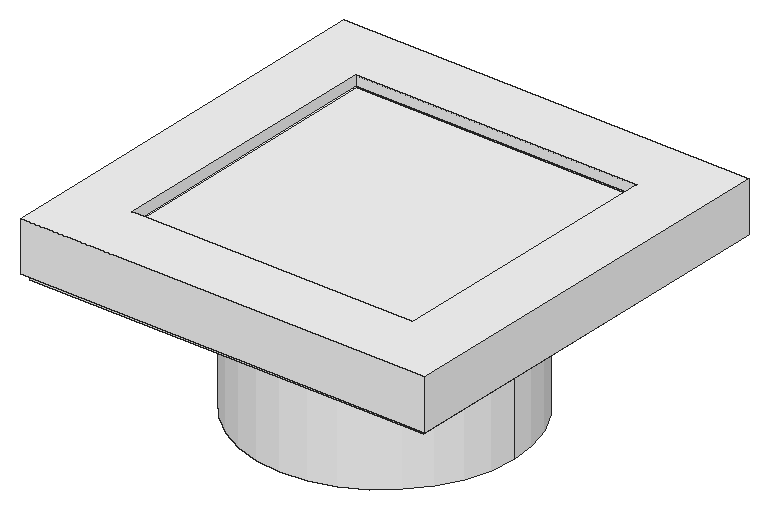
Revit family "Gira_228405", category Electrical Fixtures, host Face, Revit 2017
Family settings
  Host = Face
  Maintain Annotation Orientation = Yes
  Round Connector Dimension = Use Diameter
  Part Type = Normal
  Cut with Voids When Loaded = No
  Shared = No
  Room Calculation Point = No
Parameters (values of type "RDS FM radio w/o speaker System 55 black gl.appear.")
  White [instance] = White
  URL = "http://katalog.gira.de/en/datenblatt.html?artikelnr=228405"
  Type of fastening = "Mounting with claw and screw"
  Surface protection = "Other"
  Surface finishing = "Glossy"
  Name = "RDS FM radio w/o speaker System 55 black gl.appear."
  Mounting method = "Flush mounted (plaster)"
  Model = "Radio"
  Material quality = "Other"
  Material = "Other"
  Manufacturer URL = "https://www.gira.de/"
  Manufacturer = "Gira"
  HeinzeBIM = "https://bimportal.heinze.de/bim/rds-fm-radio-w-o-speaker-system-55-black-gl-appear-/b91599b520675b7b9cab4df6981edd685f488fcf"
  Halogen free = "No"
  HAN = "228405"
  GTIN = "4010337889229"
  Description = "RDS FM radio w o spk. Sys55 BKGLA,RDS flush-mounted radio,,Black glass appearance,"
  Default Elevation = 1219.2 mm
  Data sheet (1) = "https://katalog.gira.de/en/download.html?artikelnr=228405"
  Colour = "Black"
  Category = "Electronic insert for domestic switching devices"
  BIM (1) = "https://media.stage.bim.site/public/gira/36a6b08/Sys55_Komplettgerät_Schalten und Tasten.rfa?public/gira/36a6b08/Sys55_Komplettgerät_Schalten und Tasten.rfa"
  Available = "No"
  Assembly arrangement = "Basic element"
Reference planes
  plane 1 "Center (Front/Back)": y = 0
  plane 2: z = 0
  plane 3 "Center (Left/Right)": x = 0
Forms (mm)
  Extrusion 1, solid, material "White" <- "White", detail levels medium
    sketch origin (0, 0, 0) x (1, 0, 0) y (0, 1, 0)
      loop
        line (-40.4, 40.4) -> (-40.4, -40.4) -> (40.4, -40.4) -> (40.4, 40.4) -> (-40.4, 40.4)
      loop
        line (-28, 28) -> (-28, -28) -> (28, -28) -> (28, 28) -> (-28, 28)
    from 0 to 10
  Extrusion 2, solid, material "White" <- "White", detail levels fine
    sketch origin (0, 0, 0) x (1, 0, 0) y (0, 1, 0)
      loop
        line (-40.4, 40.4) -> (-40.4, -40.4) -> (40.4, -40.4) -> (40.4, 40.4) -> (-40.4, 40.4)
      loop
        line (-28, 28) -> (-28, -28) -> (28, -28) -> (28, 28) -> (-28, 28)
    from 0 to 10
  Extrusion 3, void
    sketch origin (0, 0, 0) x (1, 0, 0) y (0, 1, 0)
      loop
        line (-38.4, 38.4) -> (-38.4, -38.4) -> (38.4, -38.4) -> (38.4, 38.4) -> (-38.4, 38.4)
    from 0 to 8
  Extrusion 4, solid, material "White" <- "White", detail levels medium+fine
    sketch origin (0, 0, 0) x (1, 0, 0) y (0, 1, 0)
      loop
        line (-39.4, 39.4) -> (-39.4, -39.4) -> (39.4, -39.4) -> (39.4, 39.4) -> (-39.4, 39.4)
    from 0 to -1
  Extrusion 5, solid, material "White" <- "White", detail levels medium+fine
    sketch origin (0, 0, 0) x (1, 0, 0) y (0, 1, 0)
      loop
        line (-35.5, 35.5) -> (-35.5, -35.5) -> (35.5, -35.5) -> (35.5, 35.5) -> (-35.5, 35.5)
    from -2 to -3
  Extrusion 6, solid, material "White" <- "White", detail levels medium+fine
    sketch origin (0, 0, 0) x (1, 0, 0) y (0, 1, 0)
      loop
        circle (0, 0) r 26
    from 0 to -27.5
  Extrusion 7, solid, material "White" <- "White", detail levels coarse
    sketch origin (0, 0, 0) x (1, 0, 0) y (0, 1, 0)
      loop
        line (-40.4, 40.4) -> (-40.4, -40.4) -> (40.4, -40.4) -> (40.4, 40.4) -> (-40.4, 40.4)
    from -27.5 to 10
Cuts and joins
  Extrusion 3 cuts Extrusion 2
Dimensions and locks
  aligned and locked: plane 2 to host face
  aligned and locked: level to host face
  aligned and locked: plane 3 "Center (Left/Right)" to nested 2
  aligned and locked: plane 1 "Center (Front/Back)" to nested 2
Nested families
  nested 1: "Sys55_Abdeckung_Schalten und Tasten_floor_base" at (0, 0, 0), type "Sys55_Abdeckung_Schalten und Tasten_floor_base"
  nested 2: "Schalter" at (0, 0, 0), type "Schalter"
Connectors
  electrical at (0, 0, -27.5)
    settings: on Extrusion 6, index 1, voltage 220 V, apparent load 0 VA, apparent load phase1 0 VA, apparent load phase2 0 VA, apparent load phase3 0 VA, power factor 1, load classification "Other", number of poles 1, system type 30, power factor state 1, is connector primary yes, connector utility no, sub classification motor no, connector description ""
Definition of nested family "Sys55_Abdeckung_Schalten und Tasten_floor_base"
  Parameters
    Default Elevation = 1219.2 mm
    White [instance] = none
  Reference planes
    plane 1 "Center (Front/Back)": y = 0
    plane 2: z = 0
    plane 3 "Center (Left/Right)": x = 0
  Forms (mm)
    Extrusion 1, solid
      sketch origin (0, 0, 0) x (1, 0, 0) y (0, 1, 0)
        loop
          line (-1219.2, 1219.2) -> (-1219.2, -1219.2) -> (1219.2, -1219.2) -> (1219.2, 1219.2) -> (-1219.2, 1219.2)
      from 0 to -304.8
    Extrusion 2, solid, material <- "White", detail levels fine
      sketch origin (0, 0, 0) x (1, 0, 0) y (0, 1, 0)
        loop
          line (-27.5, 27.5) -> (-27.5, -27.5) -> (27.5, -27.5) -> (27.5, 27.5) -> (-27.5, 27.5)
      from 0 to 8
    Extrusion 3, void
      sketch origin (0, 0, 0) x (1, 0, 0) y (0, 1, 0)
        loop
          line (26, 26) -> (-26, 26) -> (-26, -26) -> (26, -26) -> (26, 26)
      from 0 to 6
    Extrusion 4, solid, material <- "White", detail levels medium
      sketch origin (0, 0, 0) x (1, 0, 0) y (0, 1, 0)
        loop
          line (-27.5, 27.5) -> (-27.5, -27.5) -> (27.5, -27.5) -> (27.5, 27.5) -> (-27.5, 27.5)
      from 0 to 8
    Extrusion 5, solid, material <- "White", detail levels medium
      sketch origin (0, 0, 0) x (1, 0, 0) y (0, 1, 0)
        loop
          line (11, -17.5) -> (11, 17.5) -> (-11, 17.5) -> (-11, -17.5) -> (11, -17.5)
      from -6 to 6
    Extrusion 6, solid, material <- "White", detail levels fine
      sketch origin (0, 0, 0) x (1, 0, 0) y (0, 1, 0)
        loop
          line (11, 17.5) -> (-11, 17.5) -> (-11, 16.5) -> (11, 16.5) -> (11, 17.5)
        loop
          line (-11, -16.5) -> (-11, -17.5) -> (11, -17.5) -> (11, -16.5) -> (-11, -16.5)
      from -4 to 6
    Extrusion 7, solid, material <- "White", detail levels fine
      sketch origin (0, 0, 0) x (1, 0, 0) y (0, 1, 0)
        loop
          arc (5, 9.347) -> (0, 10.6) -> (-5, 9.347) r 10.6
          line (-5, 9.347) -> (-5, -9.347)
          arc (-5, -9.347) -> (0, -10.6) -> (5, -9.347) r 10.6
          line (5, -9.347) -> (5, 9.347)
      from -6 to 6
    Extrusion 8, solid, material <- "White", detail levels coarse
      sketch origin (0, 0, 0) x (1, 0, 0) y (0, 1, 0)
        loop
          line (-27.5, 27.5) -> (-27.5, -27.5) -> (27.5, -27.5) -> (27.5, 27.5) -> (-27.5, 27.5)
      from -6 to 8
  Cuts and joins
    Extrusion 3 cuts Extrusion 2
  Dimensions and locks
    aligned and locked: plane 2 to Extrusion 1
    aligned and locked: level to Extrusion 1
Definition of nested family "Schalter"
  Reference planes
    plane 1: y = 0
    plane 2: x = 0
  Lines and regions (mm)
    detail lines
      curve 1: circle (1.375, 2.778, 0) r 0.8 normal (0, 0, 1)
      curve 2: line (1.021, 2.061, 0) -> (0, 0, 0)
      curve 3: line (0, 0, 0) -> (-0.538, 0.266, 0)
  Dimensions and locks
    curve 2 to curve 2 = 2.3 mm
    curve 3 to curve 2 = 0.6 mm
    radius of curve 1 = 0.8 mm
